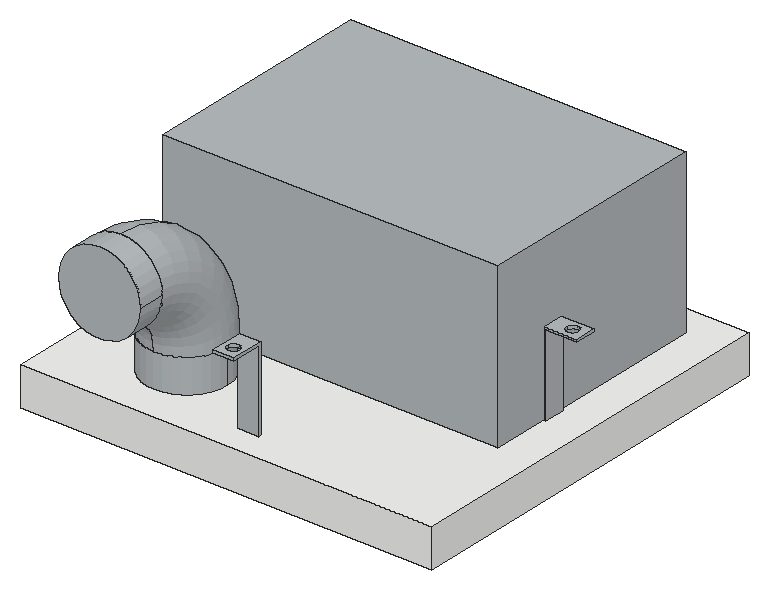
Revit family "wd-121_221bzmd5_50Hz", category 機械設備, Revit 2019
Family settings
  丸型コネクタ寸法 = 直径を使用
  パーツ タイプ = 標準
  OmniClass 番号 = 23.75.35.17.27
  OmniClass タイトル = Centrifugal Fans
  作業面ベース = いいえ
  常に垂直 = はい
  ロード時にボイドで切り取り = いいえ
  共有 = いいえ
  部屋計算ポイント = はい
Parameters (values of type "WD-121BZMD5")
  騒音レベル(dB(A)) [instance] = 42
  風量 [instance] = 170.0 m³/h
  電源種別 [instance] = ""
  電圧 = 100 V
  電動機出力 = 0 W
  電動機_種別 [instance] = ""
  運転質量 = 0.00 kg
  連動 [instance] = ""
  質量 = if(製品質量 > 運転質量, 製品質量, 運転質量) * 1.2  # 10.20 kg
  負荷分類 = 3_ファン類
  説明 = "バス乾燥・暖房・換気システム 換気システム連動形"
  設計風量 [instance] = 0.0 m³/h
  設置方法 = "カセット形"
  記号 [instance] = ""
  製造元 = "三菱電機株式会社"
  製品質量 = 8.50 kg
  製品出荷対象 = "国内"
  製品リリース年月 = "2022年6月1日"
  製品グループ = ""
  系統 [instance] = ""
  符号 [instance] = if(☑給気／□排気, "FS", "FE")  # "FE"
  積算_科目 = "2 換気設備"
  積算_拾い区分 [instance] = ""
  相 = 1
  盤記号 [instance] = ""
  発停方法 [instance] = ""
  特殊仕様 [instance] = ""
  点検口離隔 = 150 mm
  点検口_Depth = 450 mm
  点検口 = yes
  火災停止 [instance] = ""
  消費電力 = 1330 W
  法定耐用年数 = "10"
  機外静圧 [instance] = 0.0 Pa
  極数 = 2
  材質 [instance] = ""
  操作・制御方式 = ""
  操作・制御スイッチ = ""
  排気量 [instance] = if(☑給気／□排気, 0.0 m³/h, 設計風量)  # 0.0 m³/h
  形式 = ""
  幹線記号 [instance] = ""
  対象室 [instance] = ""
  実風量 [instance] = 0.0 m³/h
  始動方式 [instance] = "直入"
  天吊金具ピッチ2 = 450 mm
  天吊金具ピッチ1 = 450 mm
  天吊金具_高さ = 97 mm
  天吊金具_径 = 15 mm
  外気量 [instance] = if(☑給気／□排気, 設計風量, 0.0 m³/h)  # 0.0 m³/h
  呼称 = ""
  周波数 = 50 Hz
  参照している仕様書等のバージョン = ""
  分類コード = "50052503100080"
  分類グループ = ""
  価格 = 111000
  企業コード = "108420"
  付属品_防振装置 = ""
  付属品 [instance] = ""
  仕様書バージョン = "Version1.0"
  モデル = "WD-121BZMD5"
  マテリアル = 亜鉛メッキ鋼板
  ファンの種類 = ""
  ダクト径 = 100 mm
  コメント [instance] = ""
  Keynote = ""
  カバーマテリアル = 合成樹脂(白)
  ☑給気／□排気 [instance] = no
  Width = 400 mm
  W1 = 492 mm
  Version = ""
  Uniclass2015Version = "Systems v1.9"
  Uniclass2015Title = "Centrifugal fans"
  Uniclass2015Code = "Pr_65_67_29_12"
  URL = "https://www.mitsubishielectric.co.jp/ldg/wink/ssl/displayProduct.do?pid=320858"
  SpecificationReference = ""
  SpecificationDescription = ""
  Revision = ""
  ProductInformation = ""
  OmniClassCode = "23-33 31 19 11 15"
  MIN風量 = 120.0 m³/h
  MIN静圧 = 0.0 Pa
  MID風量 = 0.0 m³/h
  MID静圧 = 0.0 Pa
  MAX風量 = 170.0 m³/h
  MAX静圧 = 0.0 Pa
  IfcTypeProduct = ""
  IfcProduct = ""
  IfcExportType = "PROPELLORAXIAL"
  IfcExportAs = "IfcFanType"
  Height = 194 mm
  H1 = 46 mm
  EAサイズ_D = 98 mm
  Duct_W = 120 mm
  Duct_H = 138.8 mm
  Duct_Depth = 130 mm
  Duct_D = 145 mm
  Depth = 280 mm
  D2 = 60 mm
  D1 = 472 mm
  Author = "三菱電機株式会社"
Types (2, lengths in mm): name | 騒音レベル(dB(A)) | 風量 | 電圧 | 質量 | 製品質量 | 消費電力 | 極数 | 価格 | モデル | URL | MIN風量 | MAX風量
  WD-121BZMD5 | 42 | 170.0 m³/h | 100 V | 10.20 kg | 8.50 kg | 1330 W | 2 | 111000 | "WD-121BZMD5" | "https://www.mitsubishielectric.co.jp/ldg/wink/ssl/displayProduct.do?pid=320858" | 120.0 m³/h | 170.0 m³/h
  WD-221BZMD5 | 49 | 205.0 m³/h | 200 V | 10.80 kg | 9.00 kg | 2385 W | 3 | 139400 | "WD-221BZMD5" | "https://www.mitsubishielectric.co.jp/ldg/wink/ssl/displayProduct.do?pid=320860" | 105.0 m³/h | 205.0 m³/h
Reference planes
  plane 1 "中心(正面/背面)": y = 0
  plane 2: z = 0
  plane 3 "中心(左/右)": x = 0
  plane 4: x = -246
  plane 5: x = 246
  plane 6: y = 236
  plane 7: y = -236
  plane 8: x = -200
  plane 9: x = 200
  plane 10: y = 200
  plane 11: y = -80
  plane 12: z = 194
  plane 13: z = -46
  plane 14: z = 138.8
  plane 15: x = -225
  plane 16: x = 225
  plane 17: y = 225
  plane 18: y = -225
  plane 19: x = -120
  plane 20: x = -350
  plane 21: x = -800
  plane 22: y = 225
  plane 23: y = -225
  plane 24: z = 100
  plane 25: z = 97
  plane 26: y = 60
  plane 27: y = -145
  plane 28: y = -275
Forms (mm)
  Extrusion 1, solid, material "亜鉛メッキ鋼板" <- "マテリアル", detail levels fine
    sketch origin (0, 0, 0) x (1, 0, 0) y (0, 1, 0)
      loop
        line (-200, 200) -> (-200, -80) -> (200, -80) -> (200, 200) -> (-200, 200)
    from 0 to 194
  Extrusion 2, solid, material "合成樹脂(白)" <- "カバーマテリアル", detail levels fine
    sketch origin (0, 0, 0) x (1, 0, 0) y (0, 1, 0)
      loop
        line (-246, 236) -> (-246, -236) -> (246, -236) -> (246, 236) -> (-246, 236)
    from 0 to -46
  Extrusion 3, solid, material "亜鉛メッキ鋼板" <- "マテリアル", detail levels fine
    sketch origin (-120.588, -243.004, 138.348) x (1, 0, 0) y (0, 0, 1)
      loop
        circle (0.588, 0.455) r 49
    from 0 to 31.996
  Extrusion 4, solid, material "亜鉛メッキ鋼板" <- "マテリアル", detail levels fine
    sketch origin (0, 0, 0) x (1, 0, 0) y (0, 1, 0)
      loop
        line (-200, 12.5) -> (-240, 12.5) -> (-240, -12.5) -> (-200, -12.5) -> (-200, 12.5)
      loop
        line (-12.5, 200) -> (12.5, 200) -> (12.5, 240) -> (-12.5, 240) -> (-12.5, 200)
      loop
        circle (0, 225) r 7.5
      loop
        line (-12.5, -200) -> (-12.5, -240) -> (12.5, -240) -> (12.5, -200) -> (-12.5, -200)
      loop
        circle (0, -225) r 7.5
      loop
        circle (-225, 0) r 7.5
      loop
        line (200, 12.5) -> (200, -12.5) -> (240, -12.5) -> (240, 12.5) -> (200, 12.5)
      loop
        circle (225, 0) r 7.5
    from 97 to 100
  Extrusion 5, solid, material "亜鉛メッキ鋼板" <- "マテリアル", detail levels fine
    sketch origin (0, 0, 0) x (1, 0, 0) y (0, 1, 0)
      loop
        line (-203, 12.5) -> (-203, -12.5) -> (-200, -12.5) -> (-200, 12.5) -> (-203, 12.5)
      loop
        line (-12.5, 200) -> (12.5, 200) -> (12.5, 203) -> (-12.5, 203) -> (-12.5, 200)
      loop
        line (203, 12.5) -> (200, 12.5) -> (200, -12.5) -> (203, -12.5) -> (203, 12.5)
      loop
        line (-12.5, -203) -> (12.5, -203) -> (12.5, -200) -> (-12.5, -200) -> (-12.5, -203)
    from 0 to 100
  Extrusion 6, solid, material "亜鉛メッキ鋼板" <- "マテリアル"
    sketch origin (0, 0, 0) x (1, 0, 0) y (0, 1, 0)
      loop
        circle (-120, -145) r 49
    from 0 to 40.345
Cuts and joins
  joined: Extrusion 4, Extrusion 5
Dimensions and locks
  equal spacing: plane 4, plane 3 "中心(左/右)", plane 5
  "W1": plane 4 to plane 5
  equal spacing: plane 6, plane 1 "中心(正面/背面)", plane 7
  "D1": plane 6 to plane 7
  equal spacing: plane 8, plane 3 "中心(左/右)", plane 9
  "Width": plane 8 to plane 9
  "Height": plane 12 to plane 2
  "Duct_H": plane 14 to plane 2
  equal spacing: plane 15, plane 3 "中心(左/右)", plane 16
  "天吊金具ピッチ1": plane 15 to plane 16
  equal spacing: plane 17, plane 1 "中心(正面/背面)", plane 18
  "天吊金具ピッチ2": plane 17 to plane 18
  "H1": plane 2 to plane 13
  "点検口_Depth": plane 22 to plane 23
  equal spacing: plane 22, plane 1 "中心(正面/背面)", plane 23
  "点検口_Depth": plane 21 to plane 20
  "点検口離隔": plane 20 to plane 8
  Extrusion 4 sketch curve to plane 15 = 15 mm
  Extrusion 4 sketch curve to Extrusion 4 sketch curve = 25 mm  (x4)
  plane 24 to plane 25 = 3 mm
  equal spacing: plane 10, plane 26, plane 11
  "D2": plane 26 to plane 1 "中心(正面/背面)"
  "Duct_W": plane 3 "中心(左/右)" to plane 19
  "Duct_D": plane 1 "中心(正面/背面)" to plane 27
  "Duct_Depth": plane 27 to plane 28
  "Depth": plane 10 to plane 11
  equal spacing: Extrusion 4 sketch curve, plane 3 "中心(左/右)", Extrusion 4 sketch curve  (x2)
  plane 17 to Extrusion 4 sketch curve = 15 mm
  plane 18 to Extrusion 4 sketch curve = 15 mm
  equal spacing: Extrusion 4 sketch curve, plane 1 "中心(正面/背面)", Extrusion 4 sketch curve  (x2)
  plane 16 to Extrusion 4 sketch curve = 15 mm
  cut or joined group of Extrusion 4, Extrusion 5 to Extrusion 5 sketch curve = 3 mm
  Extrusion 5 sketch curve to cut or joined group of Extrusion 4, Extrusion 5 = 3 mm  (x2)
  Extrusion 5 sketch curve to Extrusion 5 sketch curve = 3 mm
  "天吊金具_高さ": plane 25 to level
  "EAサイズ_D": diameter of Extrusion 6 sketch curve
  "天吊金具_径": diameter of Extrusion 4 sketch curve  (x4)
  "EAサイズ_D": diameter of Extrusion 3 sketch curve
  aligned and locked: level to plane 2
  aligned and locked: plane 5 to Extrusion 2
  aligned and locked: plane 6 to Extrusion 2
  aligned and locked: Extrusion 2 to plane 4
  aligned and locked: Extrusion 2 to plane 7
  aligned and locked: plane 9 to Extrusion 1
  aligned and locked: Extrusion 1 to plane 11
  aligned and locked: Extrusion 1 to plane 8
  aligned and locked: plane 10 to Extrusion 1
  aligned and locked: plane 12 to Extrusion 1
  aligned and locked: Extrusion 2 to plane 13
  aligned and locked: level to Extrusion 2
  aligned and locked: Extrusion 1 to level
  aligned and locked: plane 20 to nested 2
  aligned and locked: plane 21 to nested 2
  aligned and locked: plane 23 to nested 2
  aligned and locked: plane 22 to nested 2
  aligned and locked: plane 24 to Extrusion 4
  aligned and locked: Extrusion 4 to plane 25
  aligned and locked: plane 24 to Extrusion 5
  aligned and locked: Extrusion 5 to plane 2
  aligned and locked: Extrusion 6 to level
  aligned and locked: Extrusion 5 sketch curve to cut or joined group of Extrusion 4, Extrusion 5  (x7)
  aligned and locked: cut or joined group of Extrusion 4, Extrusion 5 to Extrusion 5 sketch curve  (x3)
  aligned and locked: plane 1 "中心(正面/背面)" to nested 5
  aligned and locked: plane 16 to nested 5
  aligned and locked: plane 15 to nested 5
  aligned and locked: plane 3 "中心(左/右)" to nested 4
  aligned and locked: plane 17 to nested 4
  aligned and locked: plane 18 to nested 4
  aligned and locked: Extrusion 3 to plane 28
Automatic sketch dimensions
  Extrusion 6 sketch curve to plane 19 = 0 mm
  Extrusion 6 sketch curve to plane 27 = 0 mm
  Extrusion 1 sketch curve to plane 8 = 0 mm
  Extrusion 1 sketch curve to plane 9 = 0 mm
  Extrusion 1 sketch curve to plane 11 = 0 mm
  Extrusion 1 sketch curve to plane 10 = 0 mm
  Extrusion 2 sketch curve to plane 4 = 0 mm
  Extrusion 2 sketch curve to plane 5 = 0 mm
  Extrusion 2 sketch curve to plane 7 = 0 mm
  Extrusion 2 sketch curve to plane 6 = 0 mm
  plane 1 "中心(正面/背面)" to Extrusion 4 sketch curve = 0 mm  (x2)
  Extrusion 4 sketch curve to plane 15 = 0 mm
  Extrusion 4 sketch curve to plane 8 = 0 mm
  Extrusion 4 sketch curve to plane 3 "中心(左/右)" = 0 mm  (x2)
  Extrusion 4 sketch curve to plane 9 = 0 mm
  Extrusion 4 sketch curve to plane 16 = 0 mm
  Extrusion 4 sketch curve to plane 18 = 0 mm
  Extrusion 4 sketch curve to plane 10 = 0 mm
  Extrusion 4 sketch curve to plane 17 = 0 mm
  plane 18 to Extrusion 4 sketch curve = 25 mm
  plane 1 "中心(正面/背面)" to Extrusion 5 sketch curve = 12.5 mm
  Extrusion 5 sketch curve to plane 1 "中心(正面/背面)" = 12.5 mm
Nested families
  nested 1: "記号_天井換気扇_平面" at (0, 0, 0), type "記号_天井換気扇_平面", detail levels coarse+medium
  nested 2: "点検口設置範囲" at (-575, 0, 0), visible <- "点検口", type "点検口設置範囲"
    with Width 450 mm, Depth 450 mm
  nested 3: "ダクト曲がり" at (-120.588, -145, 40.345), マテリアル <- "マテリアル", type "ダクト曲がり"
    with マテリアル 亜鉛メッキ鋼板, EAサイズ_D 98.004 mm
  nested 4: "固定点" at (0, -225, 0) x (0, 1, 0) z (0, 0, 1), type "固定点"
    with W 450 mm, D 1000 mm
  nested 5: "固定点" at (-225, 0, 0), type "固定点"
    with W 450 mm, D 1000 mm
Connectors
  hvac at (-120, -275, 138.804), driven by "ダクト径", driven by "風量", driven by "機外静圧"
    settings: on Extrusion 3, index 1, duct flow 170.0 m³/h, flow factor 0, pres drop 0.0 Pa, loss coef 0, conn angle 0.00°, conn width 304.8 mm, conn height 304.8 mm, conn diameter 100 mm, duct sys type 3, conn prof type 0, flow config 0, flow direction 2, loss method 4, conn ref index -1, conn util no, is conn primary yes, conn desc ""
  electrical at (0, 60, 194), driven by "極数", driven by "負荷分類", driven by "電圧", driven by "消費電力"
    settings: on Extrusion 1, index 6, voltage 100 V, apparent load 1330 VA, apparent load phase1 0 VA, apparent load phase2 0 VA, apparent load phase3 0 VA, power factor 1, load classification "3_ファン類", number of poles 2, system type 30, power factor state 1, is connector primary yes, connector utility no, sub classification motor no, connector description ""
Definition of nested family "ダクト曲がり"
  Parameters (values of type "ダクト曲がり")
    マテリアル [instance] = none
    EAサイズ_D [instance] = 98 mm
  Reference planes
    plane 1 "中心(正面/背面)": y = 0
    plane 2: z = 0
    plane 3 "中心(左/右)": x = 0
    plane 4: y = -98
    plane 5: z = 98
  Forms (mm)
    Sweep 1, solid, material <- "マテリアル"
      path origin (0, -4670.886, 1485.871) x (0, 1, 0) y (0, 0, 1)
        loop
          arc (4670.886, -1485.871) -> (4642.183, -1416.574) -> (4572.886, -1387.871) r 98
      profile origin (0, -28.704, 69.296) x (0, -0.707107, -0.707107) y (1, 0, 0)
        loop
          circle (0, 0.588) r 49
  Dimensions and locks
    "EAサイズ_D": plane 4 to plane 1 "中心(正面/背面)"
    "EAサイズ_D": plane 5 to level
    "EAサイズ_D": diameter of Sweep 1 sketch curve
    aligned and locked: level to plane 2
    aligned and locked: plane 1 "中心(正面/背面)" to Sweep 1 sketch curve
    aligned and locked: plane 5 to Sweep 1 sketch curve
  Automatic sketch dimensions
    Sweep 1 sketch curve to level = 0 mm
    Sweep 1 sketch curve to profile plane = 0 mm
    plane 3 "中心(左/右)" to Sweep 1 sketch curve = 0.588 mm
Definition of nested family "記号_天井換気扇_平面"
  Reference planes
    plane 1: y = 0
    plane 2: x = 0
  Lines and regions (mm)
    detail lines
      curve 1: line (-2.5, 2.5, 0) -> (2.5, 2.5, 0)
      curve 2: line (-2.5, -2.5, 0) -> (-2.5, 2.5, 0)
      curve 3: line (2.5, -2.5, 0) -> (-2.5, -2.5, 0)
      curve 4: line (2.5, 2.5, 0) -> (2.5, -2.5, 0)
      curve 5: circle (-1.04, -1.04, 0) r 1.46 normal (0, 0, 1)
      curve 6: circle (1.04, 1.04, 0) r 1.46 normal (0, 0, 1)
      curve 7: line (-3.125, 3.125, 0) -> (3.125, 3.125, 0)
      curve 8: line (-3.125, -3.125, 0) -> (-3.125, 3.125, 0)
      curve 9: line (3.125, -3.125, 0) -> (-3.125, -3.125, 0)
      curve 10: line (3.125, 3.125, 0) -> (3.125, -3.125, 0)
      curve 11: circle (1.295, 1.295, 0) r 1.83 normal (0, 0, 1)
      curve 12: circle (-1.295, -1.295, 0) r 1.83 normal (0, 0, 1)
      curve 13: line (-2, 2, 0) -> (2, 2, 0)
      curve 14: line (-2, -2, 0) -> (-2, 2, 0)
      curve 15: line (2, -2, 0) -> (-2, -2, 0)
      curve 16: line (2, 2, 0) -> (2, -2, 0)
      curve 17: circle (0.84, 0.84, 0) r 1.16 normal (0, 0, 1)
      curve 18: circle (-0.84, -0.84, 0) r 1.2 normal (0, 0, 1)
Definition of nested family "点検口設置範囲"
  Parameters (values of type "点検口設置範囲")
    Width [instance] = 1000 mm
    Depth [instance] = 700 mm
  Reference planes
    plane 1 "中心(正面/背面)": y = 0
    plane 2: z = 0
    plane 3 "中心(左/右)": x = 0
    plane 4: x = -500
    plane 5: x = 500
    plane 6: y = -350
    plane 7: y = 350
  Lines and regions (mm)
    model lines
      curve 1: line (-500, 350, 0) -> (500, 350, 0)
      curve 2: line (-500, -350, 0) -> (-500, 350, 0)
      curve 3: line (500, -350, 0) -> (-500, -350, 0)
      curve 4: line (500, 350, 0) -> (500, -350, 0)
  Dimensions and locks
    "Depth": plane 7 to plane 6
    "Width": plane 4 to plane 5
    equal spacing: plane 7, plane 1 "中心(正面/背面)", plane 6
    equal spacing: plane 4, plane 3 "中心(左/右)", plane 5
    aligned and locked: level to plane 2
    aligned and locked: plane 4 to curve 2
    aligned and locked: curve 1 to plane 7
    aligned and locked: curve 4 to plane 5
    aligned and locked: plane 6 to curve 3
Definition of nested family "固定点"
  Parameters (values of type "固定点")
    中心円 = 20 mm
    W [instance] = 1000 mm
    D [instance] = 1000 mm
  Reference planes
    plane 1 "中心(正面/背面)": y = 0
    plane 2: z = 0
    plane 3 "中心(左/右)": x = 0
    plane 4: x = 1000
  Lines and regions (mm)
    symbolic lines, detail levels fine
      curve 1: circle (0, 0, 0) r 10 normal (0, 0, 1)
      curve 2: circle (1000, 0, 0) r 10 normal (0, 0, 1)
      curve 3: line (-200, 0, 0) -> (1200, 0, 0)
      curve 4: line (0, 200, 0) -> (0, -200, 0)
      curve 5: line (1000, 200, 0) -> (1000, -200, 0)
  Dimensions and locks
    "W": plane 3 "中心(左/右)" to plane 4
    "中心円": diameter of curve 1
    "中心円": diameter of curve 2
    aligned and locked: level to plane 2
    aligned and locked: plane 3 "中心(左/右)" to curve 1
    aligned and locked: plane 1 "中心(正面/背面)" to curve 1
    aligned and locked: plane 1 "中心(正面/背面)" to curve 2
    aligned and locked: plane 4 to curve 2
    aligned and locked: plane 1 "中心(正面/背面)" to curve 3
    aligned and locked: curve 4 to plane 3 "中心(左/右)"
    aligned and locked: curve 5 to plane 4
  Automatic sketch dimensions
    curve 3 to plane 3 "中心(左/右)" = 200 mm
    curve 2 to curve 3 = 200 mm
    plane 1 "中心(正面/背面)" to curve 4 = 200 mm
    plane 1 "中心(正面/背面)" to curve 5 = 200 mm
    curve 5 to plane 1 "中心(正面/背面)" = 200 mm
    curve 4 to plane 1 "中心(正面/背面)" = 200 mm
